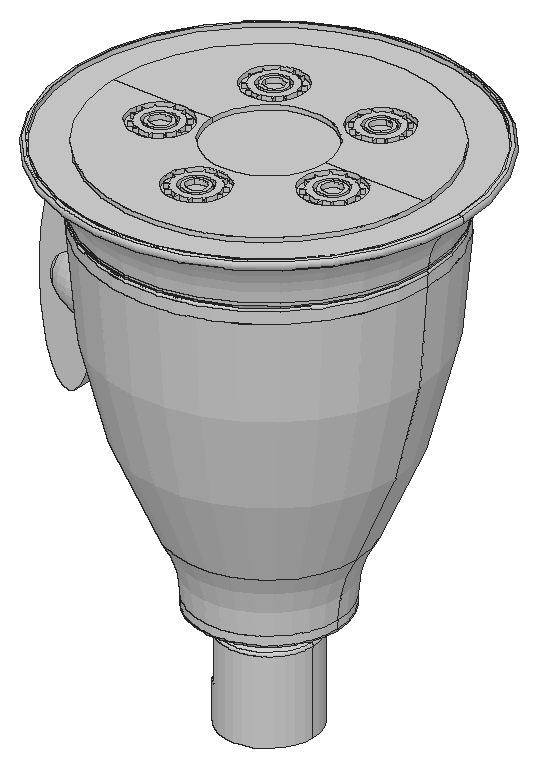
Revit family "S-2005-HB", category Plumbing Equipment, host Face, Revit 2023
Family settings
  Host = Face
  Round Connector Dimension = Use Diameter
  Classification = None
  Part Type = Normal
  Cut with Voids When Loaded = No
  Maintain Annotation Orientation = No
  Shared = No
  Room Calculation Point = No
Parameters
  Material = Stainless Steel, Polished
  Default Elevation = 4' - 0"
Reference planes (in)
  plane 1 "Center (Front/Back)": y = 0
  plane 2: z = 0
  plane 3 "Center (Left/Right)": x = 0
  plane 4: x = -2.32912
  plane 5: y = 2.0625
  plane 6: y = -2.0625
  plane 7: x = -2.0625
  plane 8: x = 2.0625
Forms (in)
  Revolve 1, solid, material "Stainless Steel, Polished" <- "Material"
    sketch origin (0, 0, 0) x (1, 0, 0) y (0, 0, 1)
      loop
        line (0, 0) -> (0.46957, 0) -> (0.46957, 0.86991)
        arc (0.46957, 0.86991) -> (0.46423, 0.88683) -> (0.45016, 0.89763) r 0.0295
        line (0.45016, 0.89763) -> (0.38923, 0.9198)
        arc (0.38923, 0.9198) -> (0.3398, 0.97651) -> (0.36152, 1.04853) r 0.07776
        arc (0.36152, 1.04853) -> (0.38669, 1.07566) -> (0.40903, 1.10515) r 0.37128
        line (0.40903, 1.10515) -> (0.71504, 1.10515)
        arc (0.71504, 1.10515) -> (0.72951, 1.11114) -> (0.7355, 1.12561) r 0.02046
        line (0.7355, 1.12561) -> (0.7355, 1.21344)
        arc (0.7355, 1.21344) -> (0.78725, 1.55164) -> (0.93774, 1.85889) r 1.13109
        arc (0.93774, 1.85889) -> (1.48922, 3.23621) -> (1.68575, 4.70675) r 5.99792
        line (1.68575, 4.70675) -> (1.68575, 4.82754)
        arc (1.68575, 4.82754) -> (1.67975, 4.84204) -> (1.66525, 4.84804) r 0.0205
        line (1.66525, 4.84804) -> (1.60301, 4.84804) -> (1.63354, 4.85915) -> (1.66479, 4.85915)
        arc (1.66479, 4.85915) -> (1.67945, 4.86467) -> (1.68685, 4.87849) r 0.02225
        line (1.68685, 4.87849) -> (1.69124, 4.91174)
        arc (1.69124, 4.91174) -> (1.79057, 5.18988) -> (2.00153, 5.3966) r 0.65829
        line (2.00153, 5.3966) -> (2.03751, 5.41878)
        arc (2.03751, 5.41878) -> (2.06145, 5.45687) -> (2.04588, 5.49907) r 0.05094
        line (2.04588, 5.49907) -> (2.01592, 5.50739) -> (0, 5.50739) -> (0, 0)
      axis (0, 5.50739) -> (0, 0)
    angle from 0 to 360
  Extrusion 2, solid, material "Stainless Steel, Polished" <- "Material"
    sketch origin (0, 0, 0) x (1, 0, 0) y (0, 0, 1)
      loop
        spline (-2.02192, 2.48035) -> (-1.94242, 2.51723) -> (-1.86833, 2.62535) -> (-1.8047, 2.79735) -> (-1.75588, 3.0215) -> (-1.7252, 3.28253) -> (-1.71473, 3.56266) -> (-1.7252, 3.84278) -> (-1.75588, 4.10381) -> (-1.8047, 4.32796) -> (-1.86833, 4.49996) -> (-1.94242, 4.60809) -> (-2.02192, 4.64496)
        spline (-2.02192, 4.64496) -> (-2.10143, 4.60809) -> (-2.17552, 4.49996) -> (-2.23915, 4.32796) -> (-2.28796, 4.10381) -> (-2.31865, 3.84278) -> (-2.32912, 3.56266) -> (-2.31865, 3.28253) -> (-2.28796, 3.0215) -> (-2.23915, 2.79735) -> (-2.17552, 2.62535) -> (-2.10143, 2.51723) -> (-2.02192, 2.48035)
    from -0.1212 to 0.1212
  Revolve 3, solid, material "Stainless Steel, Polished" <- "Material"
    sketch origin (0, 0, 0) x (1, 0, 0) y (0, 0, 1)
      loop
        line (-1.34783, 3.95605) -> (-1.71895, 3.95605)
        arc (-1.71895, 3.95605) -> (-1.73469, 3.93694) -> (-1.7577, 3.92779) r 0.04974
        arc (-1.7577, 3.92779) -> (-1.94143, 3.8815) -> (-2.10894, 3.79296) r 0.79318
        arc (-2.10894, 3.79296) -> (-2.19811, 3.69267) -> (-2.23139, 3.56266) r 0.28453
        line (-2.23139, 3.56266) -> (-1.34783, 3.56266) -> (-1.34783, 3.95605)
      axis (-2.23139, 3.56266) -> (-1.34783, 3.56266)
    angle from 0 to 360
  Extrusion 4, void
    sketch origin (0, 0, 5.50739) x (0, 1, 0) y (1, 0, 0)
      loop
        circle (-0.00044, -0.00109) r 2.00206
      loop
        circle (-0.00048, -0.00007) r 1.64327
      loop
        circle (-0.00048, -0.00007) r 0.60254
      loop
        circle (-0.29628, -0.91548) r 0.30605
      loop
        circle (-0.29628, -0.91548) r 0.16291
      loop
        circle (-0.29628, -0.91548) r 0.13166
      loop
        circle (-0.29628, -0.91548) r 0.10041
      loop
        line (-0.0733, -0.88246) -> (-0.03198, -0.85941) -> (-0.0792, -0.85477)
        arc (-0.0792, -0.85477) -> (-0.10107, -0.80278) -> (-0.13516, -0.75785) r 0.22541
        line (-0.13516, -0.75785) -> (-0.11557, -0.71463) -> (-0.15619, -0.73889)
        arc (-0.15619, -0.73889) -> (-0.18357, -0.72028) -> (-0.21339, -0.70587) r 0.22541
        line (-0.21339, -0.70587) -> (-0.21269, -0.65856) -> (-0.24032, -0.69713)
        arc (-0.24032, -0.69713) -> (-0.28383, -0.69042) -> (-0.32782, -0.69229) r 0.22541
        line (-0.32782, -0.69229) -> (-0.35059, -0.65082) -> (-0.35555, -0.69801)
        arc (-0.35555, -0.69801) -> (-0.39803, -0.71435) -> (-0.43636, -0.73889) r 0.22541
        line (-0.43636, -0.73889) -> (-0.47698, -0.71463) -> (-0.4574, -0.75785)
        arc (-0.4574, -0.75785) -> (-0.48537, -0.7928) -> (-0.50589, -0.83259) r 0.22541
        line (-0.50589, -0.83259) -> (-0.5532, -0.83189) -> (-0.51463, -0.85953)
        arc (-0.51463, -0.85953) -> (-0.52168, -0.91548) -> (-0.51463, -0.97144) r 0.22541
        line (-0.51463, -0.97144) -> (-0.5532, -0.99907) -> (-0.50589, -0.99837)
        arc (-0.50589, -0.99837) -> (-0.48537, -1.03817) -> (-0.4574, -1.07312) r 0.22541
        line (-0.4574, -1.07312) -> (-0.47698, -1.11634) -> (-0.43636, -1.09208)
        arc (-0.43636, -1.09208) -> (-0.39803, -1.11662) -> (-0.35555, -1.13296) r 0.22541
        line (-0.35555, -1.13296) -> (-0.35059, -1.18015) -> (-0.32782, -1.13867)
        arc (-0.32782, -1.13867) -> (-0.28383, -1.14055) -> (-0.24032, -1.13384) r 0.22541
        line (-0.24032, -1.13384) -> (-0.21269, -1.17241) -> (-0.21339, -1.1251)
        arc (-0.21339, -1.1251) -> (-0.18357, -1.11069) -> (-0.15619, -1.09208) r 0.22541
        line (-0.15619, -1.09208) -> (-0.11557, -1.11634) -> (-0.13516, -1.07312)
        arc (-0.13516, -1.07312) -> (-0.10107, -1.02819) -> (-0.0792, -0.9762) r 0.22541
        line (-0.0792, -0.9762) -> (-0.03198, -0.97155) -> (-0.0733, -0.94851)
        arc (-0.0733, -0.94851) -> (-0.07087, -0.91548) -> (-0.0733, -0.88246) r 0.22541
      loop
        circle (0.77873, -0.56427) r 0.30605
      loop
        circle (0.77873, -0.56427) r 0.16291
      loop
        circle (0.77873, -0.56427) r 0.13166
      loop
        circle (0.77873, -0.56427) r 0.10041
      loop
        line (0.81622, -0.342) -> (0.80707, -0.29558) -> (0.78806, -0.33905)
        arc (0.78806, -0.33905) -> (0.73186, -0.34378) -> (0.67859, -0.36232) r 0.22541
        line (0.67859, -0.36232) -> (0.64354, -0.33034) -> (0.65407, -0.37647)
        arc (0.65407, -0.37647) -> (0.6279, -0.39676) -> (0.60498, -0.42066) r 0.22541
        line (0.60498, -0.42066) -> (0.56021, -0.40537) -> (0.58835, -0.44357)
        arc (0.58835, -0.44357) -> (0.56852, -0.48288) -> (0.55671, -0.52529) r 0.22541
        line (0.55671, -0.52529) -> (0.51023, -0.53414) -> (0.55358, -0.55344)
        arc (0.55358, -0.55344) -> (0.55599, -0.59889) -> (0.56749, -0.64293) r 0.22541
        line (0.56749, -0.64293) -> (0.53186, -0.67406) -> (0.57902, -0.66879)
        arc (0.57902, -0.66879) -> (0.60361, -0.7062) -> (0.63512, -0.73801) r 0.22541
        line (0.63512, -0.73801) -> (0.61983, -0.78278) -> (0.65803, -0.75464)
        arc (0.65803, -0.75464) -> (0.70907, -0.77864) -> (0.76447, -0.78922) r 0.22541
        line (0.76447, -0.78922) -> (0.77883, -0.83445) -> (0.79278, -0.78924)
        arc (0.79278, -0.78924) -> (0.83697, -0.78202) -> (0.87886, -0.76621) r 0.22541
        line (0.87886, -0.76621) -> (0.91391, -0.7982) -> (0.90338, -0.75207)
        arc (0.90338, -0.75207) -> (0.93857, -0.72319) -> (0.96724, -0.68784) r 0.22541
        line (0.96724, -0.68784) -> (1.01365, -0.69771) -> (0.98124, -0.66323)
        arc (0.98124, -0.66323) -> (0.99662, -0.62198) -> (1.00368, -0.57852) r 0.22541
        line (1.00368, -0.57852) -> (1.0489, -0.56416) -> (1.00369, -0.55021)
        arc (1.00369, -0.55021) -> (0.99921, -0.5174) -> (0.98996, -0.48561) r 0.22541
        line (0.98996, -0.48561) -> (1.02559, -0.45447) -> (0.97843, -0.45974)
        arc (0.97843, -0.45974) -> (0.94624, -0.41344) -> (0.90355, -0.37658) r 0.22541
        line (0.90355, -0.37658) -> (0.91372, -0.33023) -> (0.87903, -0.36241)
        arc (0.87903, -0.36241) -> (0.84838, -0.34989) -> (0.81622, -0.342) r 0.22541
      loop
        circle (0.77689, 0.56665) r 0.30605
      loop
        circle (0.77689, 0.56665) r 0.16291
      loop
        circle (0.77689, 0.56665) r 0.13166
      loop
        circle (0.77689, 0.56665) r 0.10041
      loop
        line (0.57709, 0.671) -> (0.53011, 0.67664) -> (0.56558, 0.64513)
        arc (0.56558, 0.64513) -> (0.55272, 0.59021) -> (0.55389, 0.53383) r 0.22541
        line (0.55389, 0.53383) -> (0.51264, 0.51038) -> (0.55976, 0.50613)
        arc (0.55976, 0.50613) -> (0.57097, 0.47497) -> (0.58662, 0.44579) r 0.22541
        line (0.58662, 0.44579) -> (0.55825, 0.40793) -> (0.60328, 0.42289)
        arc (0.60328, 0.42289) -> (0.63453, 0.39189) -> (0.67122, 0.36755) r 0.22541
        line (0.67122, 0.36755) -> (0.66527, 0.32061) -> (0.69702, 0.35587)
        arc (0.69702, 0.35587) -> (0.74099, 0.34412) -> (0.78643, 0.34145) r 0.22541
        line (0.78643, 0.34145) -> (0.80503, 0.29794) -> (0.81458, 0.34442)
        arc (0.81458, 0.34442) -> (0.85776, 0.35625) -> (0.89775, 0.37639) r 0.22541
        line (0.89775, 0.37639) -> (0.93561, 0.34801) -> (0.92065, 0.39304)
        arc (0.92065, 0.39304) -> (0.95925, 0.43416) -> (0.98643, 0.48358) r 0.22541
        line (0.98643, 0.48358) -> (1.03388, 0.48326) -> (0.99519, 0.5105)
        arc (0.99519, 0.5105) -> (1.00198, 0.55476) -> (0.9999, 0.59948) r 0.22541
        line (0.9999, 0.59948) -> (1.04114, 0.62293) -> (0.99402, 0.62718)
        arc (0.99402, 0.62718) -> (0.97744, 0.66956) -> (0.95267, 0.70775) r 0.22541
        line (0.95267, 0.70775) -> (0.9764, 0.74884) -> (0.9336, 0.72868)
        arc (0.9336, 0.72868) -> (0.89911, 0.75605) -> (0.85997, 0.77619) r 0.22541
        line (0.85997, 0.77619) -> (0.86028, 0.82364) -> (0.83304, 0.78496)
        arc (0.83304, 0.78496) -> (0.80045, 0.79083) -> (0.76736, 0.79186) r 0.22541
        line (0.76736, 0.79186) -> (0.74875, 0.83536) -> (0.7392, 0.78889)
        arc (0.7392, 0.78889) -> (0.68521, 0.77257) -> (0.63696, 0.74337) r 0.22541
        line (0.63696, 0.74337) -> (0.59603, 0.76736) -> (0.61591, 0.72443)
        arc (0.61591, 0.72443) -> (0.59453, 0.69914) -> (0.57709, 0.671) r 0.22541
      loop
        circle (-0.29924, 0.91438) r 0.30605
      loop
        circle (-0.29924, 0.91438) r 0.16291
      loop
        circle (-0.29924, 0.91438) r 0.13166
      loop
        circle (-0.29924, 0.91438) r 0.10041
      loop
        line (-0.46023, 0.7566) -> (-0.48011, 0.71367) -> (-0.43917, 0.73767)
        arc (-0.43917, 0.73767) -> (-0.39093, 0.70846) -> (-0.33694, 0.69215) r 0.22541
        line (-0.33694, 0.69215) -> (-0.32738, 0.64567) -> (-0.30878, 0.68918)
        arc (-0.30878, 0.68918) -> (-0.27568, 0.69021) -> (-0.2431, 0.69608) r 0.22541
        line (-0.2431, 0.69608) -> (-0.21585, 0.65739) -> (-0.21617, 0.70484)
        arc (-0.21617, 0.70484) -> (-0.17702, 0.72499) -> (-0.14254, 0.75236) r 0.22541
        line (-0.14254, 0.75236) -> (-0.09974, 0.73219) -> (-0.12346, 0.77328)
        arc (-0.12346, 0.77328) -> (-0.0987, 0.81147) -> (-0.08211, 0.85386) r 0.22541
        line (-0.08211, 0.85386) -> (-0.03499, 0.85811) -> (-0.07624, 0.88156)
        arc (-0.07624, 0.88156) -> (-0.07415, 0.92628) -> (-0.08094, 0.97053) r 0.22541
        line (-0.08094, 0.97053) -> (-0.04226, 0.99777) -> (-0.0897, 0.99746)
        arc (-0.0897, 0.99746) -> (-0.11688, 1.04687) -> (-0.15548, 1.088) r 0.22541
        line (-0.15548, 1.088) -> (-0.14052, 1.13302) -> (-0.17838, 1.10465)
        arc (-0.17838, 1.10465) -> (-0.21837, 1.12478) -> (-0.26155, 1.13662) r 0.22541
        line (-0.26155, 1.13662) -> (-0.27111, 1.18309) -> (-0.28971, 1.13959)
        arc (-0.28971, 1.13959) -> (-0.33515, 1.13691) -> (-0.37912, 1.12516) r 0.22541
        line (-0.37912, 1.12516) -> (-0.41087, 1.16042) -> (-0.40491, 1.11349)
        arc (-0.40491, 1.11349) -> (-0.4416, 1.08915) -> (-0.47286, 1.05814) r 0.22541
        line (-0.47286, 1.05814) -> (-0.51788, 1.0731) -> (-0.48951, 1.03524)
        arc (-0.48951, 1.03524) -> (-0.50516, 1.00606) -> (-0.51637, 0.97491) r 0.22541
        line (-0.51637, 0.97491) -> (-0.5635, 0.97066) -> (-0.52225, 0.94721)
        arc (-0.52225, 0.94721) -> (-0.52342, 0.89082) -> (-0.51055, 0.83591) r 0.22541
        line (-0.51055, 0.83591) -> (-0.54602, 0.80439) -> (-0.49904, 0.81004)
        arc (-0.49904, 0.81004) -> (-0.4816, 0.78189) -> (-0.46023, 0.7566) r 0.22541
      loop
        circle (-0.96249, 0.00345) r 0.30605
      loop
        circle (-0.96249, 0.00345) r 0.16291
      loop
        circle (-0.96249, 0.00345) r 0.13166
      loop
        circle (-0.96249, 0.00345) r 0.10041
      loop
        line (-0.86325, -0.19893) -> (-0.82873, -0.23129) -> (-0.83866, -0.18489)
        arc (-0.83866, -0.18489) -> (-0.79578, -0.14826) -> (-0.76334, -0.10212) r 0.22541
        line (-0.76334, -0.10212) -> (-0.71621, -0.10764) -> (-0.75167, -0.07632)
        arc (-0.75167, -0.07632) -> (-0.74226, -0.04458) -> (-0.7376, -0.01179) r 0.22541
        line (-0.7376, -0.01179) -> (-0.69232, 0.00192) -> (-0.73746, 0.01652)
        arc (-0.73746, 0.01652) -> (-0.7443, 0.06001) -> (-0.75945, 0.10135) r 0.22541
        line (-0.75945, 0.10135) -> (-0.72687, 0.13565) -> (-0.77333, 0.12603)
        arc (-0.77333, 0.12603) -> (-0.80181, 0.16153) -> (-0.83684, 0.19059) r 0.22541
        line (-0.83684, 0.19059) -> (-0.82608, 0.23667) -> (-0.8613, 0.20487)
        arc (-0.8613, 0.20487) -> (-0.9031, 0.2209) -> (-0.94725, 0.22835) r 0.22541
        line (-0.94725, 0.22835) -> (-0.96096, 0.27363) -> (-0.97556, 0.22848)
        arc (-0.97556, 0.22848) -> (-1.03101, 0.21819) -> (-1.08218, 0.19446) r 0.22541
        line (-1.08218, 0.19446) -> (-1.12023, 0.22281) -> (-1.10518, 0.17795)
        arc (-1.10518, 0.17795) -> (-1.13685, 0.14631) -> (-1.16165, 0.10903) r 0.22541
        line (-1.16165, 0.10903) -> (-1.20877, 0.11455) -> (-1.17331, 0.08323)
        arc (-1.17331, 0.08323) -> (-1.18504, 0.03925) -> (-1.18769, -0.00619) r 0.22541
        line (-1.18769, -0.00619) -> (-1.23114, -0.02526) -> (-1.18471, -0.03434)
        arc (-1.18471, -0.03434) -> (-1.17312, -0.07682) -> (-1.1535, -0.11623) r 0.22541
        line (-1.1535, -0.11623) -> (-1.18185, -0.15428) -> (-1.13699, -0.13923)
        arc (-1.13699, -0.13923) -> (-1.1142, -0.16326) -> (-1.08814, -0.18368) r 0.22541
        line (-1.08814, -0.18368) -> (-1.09891, -0.22976) -> (-1.06369, -0.19796)
        arc (-1.06369, -0.19796) -> (-1.01052, -0.21678) -> (-0.95435, -0.22181) r 0.22541
        line (-0.95435, -0.22181) -> (-0.93557, -0.26538) -> (-0.92617, -0.21901)
        arc (-0.92617, -0.21901) -> (-0.89397, -0.21129) -> (-0.86325, -0.19893) r 0.22541
    from 0 to 0.04675
  Extrusion 5, void
    sketch origin (0, 0, 0) x (1, 0, 0) y (0, 0, 1)
      loop
        line (-0.28672, 0.40727) -> (-0.28672, 0.8825)
        arc (-0.28672, 0.8825) -> (-0.44666, 0.90643) -> (-0.60661, 0.8825) r 0.54646
        line (-0.60661, 0.8825) -> (-0.60661, 0.40727)
        arc (-0.60661, 0.40727) -> (-0.44666, 0.38334) -> (-0.28672, 0.40727) r 0.54646
    from 0.55953 to -0.58884
Cuts and joins
  Extrusion 4, Extrusion 5 cuts Revolve 1
Lines and regions (in)
  symbolic lines, not visible
    curve 1: line (0, 0, 0) -> (-1.00473, 0, -1.00473)
    curve 2: line (-1.00473, 0, -1.00473) -> (-1.75473, 0, -1.00473)
    curve 3: line (0, 0, 0) -> (-0.0647, 0, -0.24148)
    curve 4: line (0, 0, 0) -> (-0.24148, 0, -0.0647)
Text (in)
  text "⌀" at (2.9181, 0.18938, 0), in view "Ref. Level"
  text "1/2\" FNPT INLET" at (-3.72451, 0, -0.84213), in view "Front"
  text "1/2\" FNPT INLET" at (-1.81753, 0, -0.83464), in view "Back"
  text "⌀" at (-0.63303, 0, 6.09413), in view "Front"
  text "⌀" at (0.82606, 0, 6.18242), in view "Back"
Dimensions and locks (in)
  cut or joined group of Revolve 1, Extrusion 4, Extrusion 5 to cut or joined group of Revolve 1, Extrusion 4, Extrusion 5 = 0' - 5.50739"  (x2)
  cut or joined group of Revolve 1, Extrusion 4, Extrusion 5 to plane 4 = 0' - 4 3/8"
  plane 4 to cut or joined group of Revolve 1, Extrusion 4, Extrusion 5 = 0' - 4 3/8"
  plane 5 to plane 6 = 0' - 4 1/8"
  plane 8 to plane 7 = 0' - 4 1/8"
  plane 7 to plane 8 = 0' - 4 1/8"
  aligned and locked: host face to plane 2
  aligned and locked: level to host face
